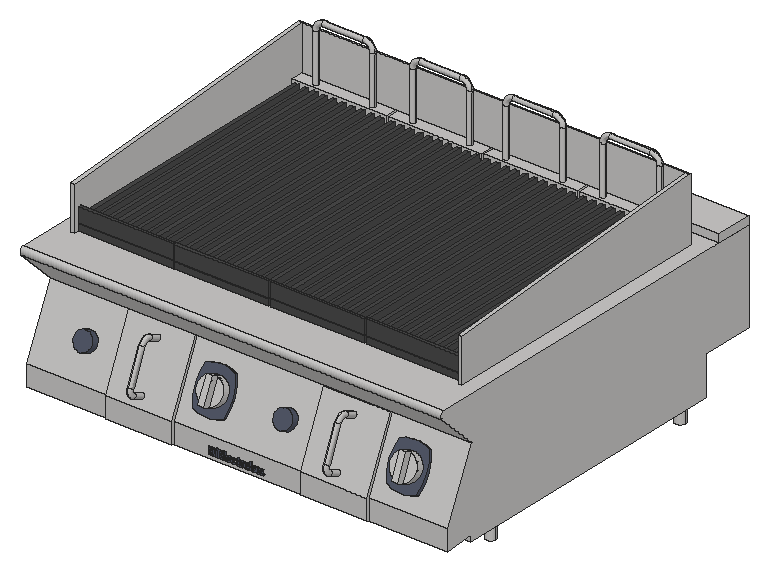
Revit family "QF_ELECTROLUXPROFESSIONAL_371043_E7GRGHGC0P", category Specialty Equipment, Revit 2018
Family settings
  Round Connector Dimension = Use Diameter
  Part Type = Normal
  Work Plane-Based = No
  Always vertical = Yes
  Cut with Voids When Loaded = No
  Shared = No
  Room Calculation Point = No
Parameters
  Width = 800.1 mm  # constant formula
  Weight in Pounds = 141  # constant formula
  Watts = 0 W
  URL Cutsheet = "www.electrolux.com/foodservice"
  URL = "www.electrolux.com/foodservice"
  Type Mark [instance] = ""
  Status [instance] = ""
  Specification by User [instance] = ""
  Specification by Manufacturer = ""
  Show Logo [instance] = yes
  Show Clearance [instance] = yes
  Serial Number = ""
  Seismic Rating = ""
  SMACNA No = ""
  Revision Code [instance] = ""
  Omniclass Number and Title = ""
  NAFEM Spec ID Number = ""
  Model = "371043"
  Mechanical Remarks = ""
  Mechanical Connection Type = ""
  Masterspec = ""
  Manufacturer = "ELECTROLUX"
  Item Number [instance] = ""
  Installed By [instance] = ""
  Identify Quantity as Lot [instance] = yes
  Height = 423.9 mm  # constant formula
  HP = "0 HP"
  Gas Size = 1/2"
  Gas RI Height [instance] = 0 mm
  Gas KW = 14  # constant formula
  Gas Input [instance] = 13987.1 VA  # 47726.0 Btu/h
  Gas Connection Height = 0 mm
  Furnished By [instance] = ""
  Foodservice Equipment Identifier [instance] = yes
  Direct Waste Size = 0"
  Description = "700XP Full Module Gas PowerGrill Top"
  Depth = 730.25 mm  # constant formula
  CSI MasterFormat = ""
  CSI Master Format = ""
  Base Height [instance] = 23.813 mm  # constant formula
  Assembly Code = ""
Reference planes
  plane 1 "BACK": y = 0
  plane 2: z = 0
  plane 3 "LEFT": x = 0
  plane 4 "RIGHT": x = 800.1
  plane 5 "FRONT": y = -730.25
  plane 6 "TOP": z = 288.925
  plane 7 "Center Y": x = 400.05
  plane 8 "Center X": y = -365.125
  plane 9 "BASE": z = 23.813
  plane 10 "TOP A": z = 274.638
  plane 11: y = -597.884
  plane 12: y = -147.637
  plane 13: z = 423.9
Forms (mm)
  Extrusion 1, solid, material "QF_Finishes_Stainless Steel"
    sketch origin (0, 0, 0) x (0, 1, 0) y (0, 0, 1)
      loop
        line (0, 274.638) -> (-722.836, 274.638)
        arc (-722.836, 274.638) -> (-729.637, 270.094) -> (-728.041, 262.072) r 7.361
        line (-728.041, 262.072) -> (-657.416, 191.447) -> (-713.772, 69.003) -> (-713.772, 30.903) -> (-660.4, 36.513) -> (-660.4, 23.812) -> (-101.6, 23.812) -> (-101.6, 98.425) -> (0, 98.425) -> (0, 274.638)
    from 0 to 800.1
  Extrusion 2, solid, material "QF_Finishes_Stainless Steel"
    sketch origin (0, 0, 0) x (1, 0, 0) y (0, 1, 0)
      loop
        circle (11.112, -147.638) r 9.525
      loop
        circle (11.112, -597.884) r 9.525
      loop
        circle (788.987, -147.638) r 9.525
      loop
        circle (788.987, -597.884) r 9.525
    from 0 to 23.813
  Extrusion 3, solid, material "QF_Finishes_Stainless Steel"
    sketch origin (0, -101.6, 101.6) x (0, 0, -1) y (-1, 0, 0)
      loop
        circle (43.882, -747.712) r 6.35
    from 0 to 3.175
  Extrusion 4, solid, material "QF_Finishes_Clearance", visible <- "Show Clearance", detail levels coarse
    sketch origin (0, 0, 0) x (1, 0, 0) y (0, 1, 0)
      loop
        line (0, -730.25) -> (0, 0) -> (800.1, 0) -> (800.1, -730.25) -> (950.119, -730.25) -> (950.119, 150.019) -> (-150.019, 150.019) -> (-150.019, -730.25) -> (0, -730.25)
    from 0 to 396
  Extrusion 5, solid, material "QF_Finishes_Black"
    sketch origin (0, 0, 274.638) x (0, -1, 0) y (1, 0, 0)
      loop
        line (636.964, 36.625) -> (636.964, 216.737) -> (130.285, 216.737) -> (130.285, 36.625) -> (636.964, 36.625)
      loop
        line (130.285, 398.45) -> (130.285, 219.937) -> (636.964, 219.937) -> (636.964, 398.45) -> (130.285, 398.45)
      loop
        line (636.964, 763.475) -> (130.285, 763.475) -> (130.285, 583.363) -> (636.964, 583.363) -> (636.964, 763.475)
      loop
        line (130.285, 401.65) -> (636.964, 401.65) -> (636.964, 580.162) -> (130.285, 580.162) -> (130.285, 401.65)
    from 0 to 12.7
  Extrusion 6, solid, material "QF_Finishes_Stainless Steel"
    sketch origin (0, 0, 274.638) x (0, -1, 0) y (1, 0, 0)
      loop
        line (130.285, 36.625) -> (130.285, 216.737) -> (107.795, 216.737) -> (107.795, 36.625) -> (130.285, 36.625)
      loop
        line (130.285, 219.938) -> (130.285, 398.45) -> (107.795, 398.45) -> (107.795, 219.938) -> (130.285, 219.938)
      loop
        line (130.285, 763.475) -> (107.795, 763.475) -> (107.795, 583.363) -> (130.285, 583.363) -> (130.285, 763.475)
      loop
        line (130.285, 580.162) -> (107.795, 580.162) -> (107.795, 401.65) -> (130.285, 401.65) -> (130.285, 580.162)
    from 0 to 37.056
  Extrusion 7, solid, material "QF_Finishes_Navy Blue"
    sketch origin (603.031, -727.475, 39.231) x (0, 0.418102, 0.9084) y (-1, 0, 0)
      loop
        circle (98.862, 129.601) r 17.8
    from 0 to 12.7
  Extrusion 8, solid, material "QF_Finishes_Black"
    sketch origin (52.271, -631.964, 287.338) x (-0.153405, 0, 0.988163) y (-0.988163, 0, -0.153405)
      loop
        line (-23.661, -162.764) -> (3.778, -167.024) -> (31.408, 10.957) -> (3.969, 15.217) -> (-23.661, -162.764)
      loop
        line (-51.537, -342.325) -> (-24.098, -346.585) -> (3.287, -170.186) -> (-24.152, -165.926) -> (-51.537, -342.325)
      loop
        line (-79.413, -521.887) -> (-51.973, -526.147) -> (-24.588, -349.747) -> (-52.028, -345.487) -> (-79.413, -521.887)
      loop
        line (-107.534, -703.03) -> (-80.094, -707.289) -> (-52.464, -529.309) -> (-79.904, -525.049) -> (-107.534, -703.03)
    from 0 to 5
  Sweep 9, solid, material "QF_Finishes_Stainless Steel"
    path origin (3.75, -118.772, 30.903) x (0, 0, 1) y (-1, 0, 0)
      loop
        line (280.79, -69.374) -> (372.677, -69.374)
        arc (372.677, -69.374) -> (383.453, -73.837) -> (387.917, -84.614) r 15.24
        line (387.917, -84.614) -> (387.917, -162.056)
        arc (387.917, -162.056) -> (383.453, -172.833) -> (372.677, -177.296) r 15.24
        line (372.677, -177.296) -> (280.79, -177.296)
    profile origin (73.124, -118.772, 357.637) x (-1, 0, 0) y (0, -1, 0)
      loop
        circle (0, 0) r 4.572
  Extrusion 10, solid, material "QF_Finishes_Stainless Steel"
    sketch origin (151.15, 0, 0) x (0, 1, 0) y (0, 0, 1)
      loop
        line (-657.416, 191.447) -> (-660.323, 192.784) -> (-716.972, 69.704) -> (-716.972, 30.903) -> (-713.772, 30.903) -> (-713.772, 69.003) -> (-657.416, 191.447)
    from 0 to 127
  Sweep 11, solid, material "QF_Finishes_Stainless Steel"
    path origin (213.65, 0, 0) x (0, 1, 0) y (0, 0, 1)
      loop
        line (-670.615, 170.424) -> (-691.243, 179.918)
        arc (-691.243, 179.918) -> (-700.956, 180.294) -> (-708.09, 173.692) r 12.7
        line (-708.09, 173.692) -> (-735.638, 113.839)
        arc (-735.638, 113.839) -> (-736.013, 104.126) -> (-729.411, 96.993) r 12.7
        line (-729.411, 96.993) -> (-708.782, 87.498)
    profile origin (213.65, -680.929, 175.171) x (0, -0.418102, -0.9084) y (1, 0, 0)
      loop
        circle (0, 0) r 4.572
  Sweep 12, solid, material "QF_Finishes_Stainless Steel"
    path origin (176.963, -118.772, 30.903) x (0, 0, 1) y (-1, 0, 0)
      loop
        line (280.79, -80.474) -> (372.677, -80.474)
        arc (372.677, -80.474) -> (383.453, -84.937) -> (387.917, -95.714) r 15.24
        line (387.917, -95.714) -> (387.917, -173.156)
        arc (387.917, -173.156) -> (383.453, -183.933) -> (372.677, -188.396) r 15.24
        line (372.677, -188.396) -> (280.79, -188.396)
    profile origin (257.436, -118.772, 357.637) x (-1, 0, 0) y (0, -1, 0)
      loop
        circle (0, 0) r 4.572
  Extrusion 13, solid, material "QF_Finishes_Navy Blue"
    sketch origin (653.031, -727.475, 39.231) x (0, 0.418102, 0.9084) y (-1, 0, 0)
      loop
        circle (98.862, 559.801) r 17.8
    from 0 to 12.7
  Extrusion 14, solid, material "QF_Finishes_Stainless Steel"
    sketch origin (648.95, 0, 0) x (0, 1, 0) y (0, 0, -1)
      loop
        line (-657.416, -191.447) -> (-713.772, -69.003) -> (-713.772, -30.903) -> (-716.972, -30.903) -> (-716.972, -69.704) -> (-660.323, -192.784) -> (-657.416, -191.447)
    from 0 to 127
  Sweep 15, solid, material "QF_Finishes_Stainless Steel"
    path origin (586.45, 0, 0) x (0, 1, 0) y (0, 0, -1)
      loop
        line (-670.615, -170.424) -> (-691.243, -179.918)
        arc (-691.243, -179.918) -> (-700.956, -180.294) -> (-708.09, -173.692) r 12.7
        line (-708.09, -173.692) -> (-735.638, -113.839)
        arc (-735.638, -113.839) -> (-736.013, -104.126) -> (-729.411, -96.993) r 12.7
        line (-729.411, -96.993) -> (-708.782, -87.498)
    profile origin (586.45, -680.929, 175.171) x (0, 0.418102, 0.9084) y (-1, 0, 0)
      loop
        circle (0, 0) r 4.572
  Extrusion 16, solid, material "QF_Finishes_Drawer Clearance", visible <- "Show Clearance", detail levels coarse
    sketch origin (151.15, 0, 0) x (0, 1, 0) y (0, 0, 1)
      loop
        line (-660.323, 192.784) -> (-1316.538, 192.784) -> (-1373.188, 69.704) -> (-1373.188, 30.903) -> (-716.972, 30.903) -> (-716.972, 69.704) -> (-660.323, 192.784)
    from 0 to 127
  Extrusion 17, solid, material "QF_Finishes_Drawer Clearance", visible <- "Show Clearance", detail levels coarse
    sketch origin (521.95, 0, 0) x (0, 1, 0) y (0, 0, 1)
      loop
        line (-660.323, 192.784) -> (-1316.538, 192.784) -> (-1373.188, 69.704) -> (-1373.188, 30.903) -> (-716.972, 30.903) -> (-716.972, 69.704) -> (-660.323, 192.784)
    from 0 to 127
  Extrusion 18, solid, material "QF_Finishes_Stainless Steel"
    sketch origin (35.025, -104.885, 396) x (0, -1, 0) y (0, 0, -1)
      loop
        line (0, 0) -> (540, 38.857) -> (540, 121.362) -> (0, 121.363) -> (0, 0)
    from 0 to -6.35
  Extrusion 19, solid, material "QF_Finishes_Stainless Steel"
    sketch origin (765.075, -104.885, 396) x (0, -1, 0) y (0, 0, 1)
      loop
        line (0, 0) -> (0, -121.363) -> (540, -121.362) -> (540, -38.857) -> (0, 0)
    from 0 to -6.35
  Extrusion 20, solid, material "QF_Finishes_Stainless Steel"
    sketch origin (35.025, -104.885, 274.638) x (0, 0, 1) y (1, 0, 0)
      loop
        line (0, -6.35) -> (121.363, -6.35) -> (121.363, 736.4) -> (0, 736.4) -> (0, -6.35)
    from 0 to 3.2
  Extrusion 21, solid, material "QF_Finishes_Navy Blue"
    sketch origin (-203.02, -713.772, 69.003) x (0, 0.418102, 0.9084) y (-1, 0, 0)
      loop
        arc (102.623, -510.47) -> (67.041, -502.846) -> (31.333, -509.853) r 90.5
        arc (31.333, -509.853) -> (24.507, -539.04) -> (31.333, -568.228) r 65.817
        arc (31.333, -568.228) -> (67.04, -575.188) -> (102.623, -567.615) r 91.066
        arc (102.623, -567.615) -> (109.179, -539.043) -> (102.623, -510.47) r 65.546
    from 0 to 3.175
  Extrusion 22, solid, material "QF_Finishes_Stainless Steel"
    sketch origin (175.73, -717.485, 68.529) x (0, 0.418102, 0.9084) y (-1, 0, 0)
      loop
        circle (68.826, -160.963) r 25.4
    from 0 to 12.7
  Extrusion 23, solid, material "QF_Finishes_Stainless Steel"
    sketch origin (175.73, -729.022, 73.839) x (0, 0.418102, 0.9084) y (-1, 0, 0)
      loop
        arc (93.558, -166.749) -> (94.226, -160.963) -> (93.558, -155.177) r 25.4
        line (93.558, -155.177) -> (44.094, -155.177)
        arc (44.094, -155.177) -> (43.426, -160.963) -> (44.094, -166.749) r 25.4
        line (44.094, -166.749) -> (93.558, -166.749)
    from 0 to 12.7
  Extrusion 24, solid, material "QF_Finishes_Stainless Steel"
    sketch origin (543.994, -717.485, 68.529) x (0, 0.418102, 0.9084) y (-1, 0, 0)
      loop
        circle (68.826, -160.963) r 25.4
    from 0 to 12.7
  Extrusion 25, solid, material "QF_Finishes_Stainless Steel"
    sketch origin (543.994, -729.022, 73.839) x (0, 0.418102, 0.9084) y (-1, 0, 0)
      loop
        arc (93.558, -166.749) -> (94.226, -160.963) -> (93.558, -155.177) r 25.4
        line (93.558, -155.177) -> (44.094, -155.177)
        arc (44.094, -155.177) -> (43.426, -160.963) -> (44.094, -166.749) r 25.4
        line (44.094, -166.749) -> (93.558, -166.749)
    from 0 to 12.7
  Extrusion 26, solid, material "QF_Finishes_Navy Blue", visible <- "Show Logo"
    sketch origin (58.349, -713.772, 30.903) x (0, 0, 1) y (-1, 0, 0)
      loop
        line (20.674, -296.698) -> (8.307, -296.698)
        arc (8.307, -296.698) -> (14.491, -301.27) -> (20.674, -296.698) r 6.467
      loop
        arc (20.674, -296.069) -> (19.505, -290.926) -> (14.849, -288.448) r 6.338
        line (14.849, -288.448) -> (14.849, -290.494)
        arc (14.849, -290.494) -> (16.333, -294.149) -> (19.778, -296.069) r 5.941
        line (19.778, -296.069) -> (20.674, -296.069)
      loop
        arc (9.203, -296.069) -> (12.648, -294.149) -> (14.132, -290.494) r 5.941
        line (14.132, -290.494) -> (14.132, -288.448)
        arc (14.132, -288.448) -> (9.438, -290.922) -> (8.148, -296.069) r 6.504
        line (8.148, -296.069) -> (9.203, -296.069)
      loop
        line (21.349, -287.979) -> (7.604, -287.979) -> (7.604, -301.742) -> (21.349, -301.742) -> (21.349, -287.979)
      loop
        arc (21.432, -304.71) -> (21.085, -304.352) -> (20.718, -304.69) r 0.358
        arc (20.718, -304.69) -> (20.404, -305.44) -> (19.687, -305.825) r 1.216
        line (19.687, -305.825) -> (9.274, -305.825)
        arc (9.274, -305.825) -> (8.614, -305.548) -> (8.218, -304.951) r 1.238
        arc (8.218, -304.951) -> (7.823, -304.7) -> (7.518, -305.054) r 0.358
        line (7.518, -305.054) -> (7.518, -314.933) -> (10.269, -314.933) -> (10.269, -314.036)
        arc (10.269, -314.036) -> (9.36, -313.456) -> (8.904, -312.479) r 1.928
        line (8.904, -312.479) -> (8.904, -309.98)
        arc (8.904, -309.98) -> (9.18, -309.251) -> (9.868, -308.887) r 1.101
        line (9.868, -308.887) -> (13.955, -308.887) -> (13.955, -312.561)
        arc (13.955, -312.561) -> (13.602, -313.058) -> (13.037, -313.286) r 1.083
        arc (13.037, -313.286) -> (12.773, -313.591) -> (13.065, -313.869) r 0.292
        line (13.065, -313.869) -> (16.028, -313.869)
        arc (16.028, -313.869) -> (16.33, -313.596) -> (16.092, -313.266) r 0.305
        arc (16.092, -313.266) -> (15.601, -313.018) -> (15.296, -312.561) r 1.083
        line (15.296, -312.561) -> (15.296, -308.887) -> (19.973, -308.887) -> (19.973, -312.635)
        arc (19.973, -312.635) -> (19.759, -313.39) -> (19.153, -313.888) r 1.314
        arc (19.153, -313.888) -> (18.934, -314.292) -> (19.288, -314.585) r 0.361
        line (19.288, -314.585) -> (21.432, -314.585) -> (21.432, -304.71)
      loop
        arc (20.715, -315.365) -> (20.335, -316.284) -> (19.416, -316.664) r 1.299
        line (19.416, -316.664) -> (9.837, -316.664)
        arc (9.837, -316.664) -> (8.999, -316.286) -> (8.728, -315.408) r 1.118
        line (8.728, -315.408) -> (7.518, -315.408) -> (7.518, -320.758) -> (8.706, -320.758)
        arc (8.706, -320.758) -> (8.978, -319.841) -> (9.848, -319.445) r 1.153
        line (9.848, -319.445) -> (21.92, -319.445) -> (20.715, -315.365)
      loop
        line (12.483, -323.394) -> (12.483, -329.842) -> (13.282, -329.842)
        arc (13.282, -329.842) -> (15.862, -328.857) -> (17.131, -326.404) r 3.874
        line (17.131, -326.404) -> (17.131, -324.643)
        arc (17.131, -324.643) -> (15.944, -321.778) -> (13.08, -320.592) r 4.051
        line (13.08, -320.592) -> (11.072, -320.592)
        arc (11.072, -320.592) -> (8.253, -322.077) -> (7.202, -325.084) r 4.352
        arc (7.202, -325.084) -> (7.566, -327.547) -> (8.943, -329.621) r 5.713
        line (8.943, -329.621) -> (9.892, -329.621)
        arc (9.892, -329.621) -> (9.16, -328.052) -> (8.943, -326.334) r 5.579
        arc (8.943, -326.334) -> (9.737, -324.371) -> (11.616, -323.394) r 3.057
        line (11.616, -323.394) -> (12.483, -323.394)
      loop
        line (13.742, -323.394) -> (13.742, -326.977)
        arc (13.742, -326.977) -> (15.199, -327.024) -> (16.082, -325.864) r 1.59
        line (16.082, -325.864) -> (16.082, -325.034)
        arc (16.082, -325.034) -> (15.217, -323.779) -> (13.742, -323.394) r 2.184
      loop
        arc (16.533, -339.259) -> (17.022, -337.585) -> (17.179, -335.848) r 9.023
        line (17.179, -335.848) -> (17.179, -334.486)
        arc (17.179, -334.486) -> (16.02, -331.686) -> (13.22, -330.527) r 3.959
        line (13.22, -330.527) -> (10.62, -330.527)
        arc (10.62, -330.527) -> (8.338, -331.819) -> (7.221, -334.192) r 4.331
        line (7.221, -334.192) -> (7.221, -336.327)
        arc (7.221, -336.327) -> (7.729, -337.877) -> (8.651, -339.223) r 5.772
        arc (8.651, -339.223) -> (9.412, -339.274) -> (9.499, -338.515) r 0.553
        arc (9.499, -338.515) -> (9.111, -337.781) -> (8.977, -336.962) r 2.573
        line (8.977, -336.962) -> (8.977, -335.447)
        arc (8.977, -335.447) -> (9.983, -333.806) -> (11.798, -333.163) r 2.884
        line (11.798, -333.163) -> (13.077, -333.163)
        arc (13.077, -333.163) -> (14.898, -333.723) -> (15.824, -335.388) r 2.554
        line (15.824, -335.388) -> (15.824, -336.441)
        arc (15.824, -336.441) -> (15.493, -337.369) -> (14.836, -338.104) r 2.564
        arc (14.836, -338.104) -> (14.614, -338.821) -> (15.223, -339.259) r 0.643
        line (15.223, -339.259) -> (16.533, -339.259)
      loop
        line (15.515, -339.53) -> (15.515, -341.031) -> (9.467, -341.031)
        arc (9.467, -341.031) -> (7.879, -341.688) -> (7.221, -343.276) r 2.246
        line (7.221, -343.276) -> (7.221, -344.86)
        arc (7.221, -344.86) -> (7.535, -345.725) -> (8.035, -346.496) r 4.06
        arc (8.035, -346.496) -> (8.768, -346.629) -> (9.019, -345.928) r 0.576
        arc (9.019, -345.928) -> (8.913, -345.403) -> (8.977, -344.87) r 1.69
        arc (8.977, -344.87) -> (9.519, -344.082) -> (10.425, -343.779) r 1.506
        line (10.425, -343.779) -> (15.563, -343.779) -> (15.563, -346.176) -> (16.119, -346.733) -> (16.941, -346.733) -> (16.941, -343.873) -> (20.172, -343.873) -> (15.515, -339.53)
      loop
        line (7.438, -347.63) -> (7.438, -353.017) -> (8.548, -353.017)
        arc (8.548, -353.017) -> (8.942, -352.066) -> (9.893, -351.672) r 1.345
        line (9.893, -351.672) -> (13.509, -351.672)
        arc (13.509, -351.672) -> (14.274, -352.264) -> (14.564, -353.186) r 1.615
        line (14.564, -353.186) -> (14.564, -354.742) -> (17.119, -355.427) -> (17.119, -354.044) -> (15.177, -351.485) -> (17.057, -351.485) -> (16.773, -348.779)
        arc (16.773, -348.779) -> (16.333, -348.249) -> (15.674, -348.45) r 0.621
        arc (15.674, -348.45) -> (15.274, -348.792) -> (14.78, -348.975) r 1.501
        line (14.78, -348.975) -> (9.893, -348.975)
        arc (9.893, -348.975) -> (8.942, -348.581) -> (8.548, -347.63) r 1.345
        line (8.548, -347.63) -> (7.438, -347.63)
      loop
        line (13.54, -354.964) -> (10.848, -354.964)
        arc (10.848, -354.964) -> (8.403, -356.272) -> (7.269, -358.803) r 4.288
        arc (7.269, -358.803) -> (7.205, -360.183) -> (7.269, -361.563) r 15.022
        arc (7.269, -361.563) -> (8.403, -364.094) -> (10.848, -365.401) r 4.288
        line (10.848, -365.401) -> (13.54, -365.401)
        arc (13.54, -365.401) -> (15.986, -364.094) -> (17.119, -361.563) r 4.288
        arc (17.119, -361.563) -> (17.183, -360.183) -> (17.119, -358.803) r 15.022
        arc (17.119, -358.803) -> (15.986, -356.272) -> (13.54, -354.964) r 4.288
      loop
        line (13.745, -358.078) -> (10.643, -358.078)
        arc (10.643, -358.078) -> (8.486, -360.235) -> (10.643, -362.392) r 2.157
        line (10.643, -362.392) -> (13.745, -362.392)
        arc (13.745, -362.392) -> (15.902, -360.235) -> (13.745, -358.078) r 2.157
      loop
        arc (20.726, -365.26) -> (20.355, -366.154) -> (19.461, -366.524) r 1.264
        line (19.461, -366.524) -> (9.597, -366.524)
        arc (9.597, -366.524) -> (8.727, -366.127) -> (8.455, -365.211) r 1.153
        line (8.455, -365.211) -> (7.518, -365.211) -> (7.518, -370.319) -> (8.446, -370.319)
        arc (8.446, -370.319) -> (8.805, -369.547) -> (9.597, -369.232) r 1.153
        line (9.597, -369.232) -> (21.92, -369.232) -> (20.726, -365.26)
      loop
        arc (15.846, -369.857) -> (15.647, -370.921) -> (14.678, -371.403) r 1.215
        line (14.678, -371.403) -> (9.658, -371.403)
        arc (9.658, -371.403) -> (8.043, -372.051) -> (7.322, -373.634) r 2.338
        line (7.322, -373.634) -> (7.322, -375.148)
        arc (7.322, -375.148) -> (7.497, -376.152) -> (7.999, -377.038) r 2.979
        line (7.999, -377.038) -> (7.518, -378.835) -> (7.518, -380.524) -> (16.943, -380.524) -> (16.649, -376.32) -> (15.863, -376.32)
        arc (15.863, -376.32) -> (15.507, -377.156) -> (14.755, -377.665) r 1.605
        line (14.755, -377.665) -> (9.652, -377.665)
        arc (9.652, -377.665) -> (9.232, -376.728) -> (9.159, -375.704) r 2.94
        arc (9.159, -375.704) -> (9.72, -374.603) -> (10.873, -374.16) r 1.724
        line (10.873, -374.16) -> (17.07, -374.16) -> (15.846, -369.857)
      loop
        line (16.874, -381.377) -> (15.202, -383.423) -> (12.028, -385.729) -> (8.572, -382.617)
        arc (8.572, -382.617) -> (8.335, -382.223) -> (8.357, -381.764) r 0.789
        line (8.357, -381.764) -> (7.518, -381.764) -> (7.518, -385.309) -> (8.344, -385.309)
        arc (8.344, -385.309) -> (8.686, -384.947) -> (9.176, -385.039) r 0.52
        line (9.176, -385.039) -> (10.976, -386.51) -> (8.858, -387.886)
        arc (8.858, -387.886) -> (8.457, -387.576) -> (8.37, -387.076) r 0.7
        line (8.37, -387.076) -> (7.518, -387.076) -> (7.518, -393.003) -> (8.405, -393.003)
        arc (8.405, -393.003) -> (8.472, -392.344) -> (8.866, -391.813) r 1.247
        line (8.866, -391.813) -> (13.066, -388.532) -> (15.513, -390.585) -> (16.874, -392.327) -> (16.874, -388.604) -> (15.389, -389.026) -> (13.868, -387.749) -> (15.568, -386.559) -> (16.874, -387.336) -> (16.874, -381.377)
    from 0 to 1.644
  Extrusion 27, solid, material "QF_Finishes_Navy Blue"
    sketch origin (165.244, -713.772, 69.003) x (0, 0.418102, 0.9084) y (-1, 0, 0)
      loop
        arc (102.623, -510.47) -> (67.041, -502.846) -> (31.333, -509.853) r 90.5
        arc (31.333, -509.853) -> (24.507, -539.04) -> (31.333, -568.228) r 65.817
        arc (31.333, -568.228) -> (67.04, -575.188) -> (102.623, -567.615) r 91.066
        arc (102.623, -567.615) -> (109.179, -539.043) -> (102.623, -510.47) r 65.546
    from 0 to 3.175
  Sweep 28, solid, material "QF_Finishes_Stainless Steel"
    path origin (796.35, -118.772, 30.903) x (0, 0, 1) y (-1, 0, 0)
      loop
        line (280.79, 69.374) -> (372.677, 69.374)
        arc (372.677, 69.374) -> (383.453, 73.837) -> (387.917, 84.614) r 15.24
        line (387.917, 84.614) -> (387.917, 162.056)
        arc (387.917, 162.056) -> (383.453, 172.833) -> (372.677, 177.296) r 15.24
        line (372.677, 177.296) -> (280.79, 177.296)
    profile origin (726.976, -118.772, 357.637) x (-1, 0, 0) y (0, -1, 0)
      loop
        circle (0, 0) r 4.572
  Sweep 29, solid, material "QF_Finishes_Stainless Steel"
    path origin (623.137, -118.772, 30.903) x (0, 0, 1) y (-1, 0, 0)
      loop
        line (280.79, 80.474) -> (372.677, 80.474)
        arc (372.677, 80.474) -> (383.453, 84.937) -> (387.917, 95.714) r 15.24
        line (387.917, 95.714) -> (387.917, 173.156)
        arc (387.917, 173.156) -> (383.453, 183.933) -> (372.677, 188.396) r 15.24
        line (372.677, 188.396) -> (280.79, 188.396)
    profile origin (542.664, -118.772, 357.637) x (-1, 0, 0) y (0, -1, 0)
      loop
        circle (0, 0) r 4.572
  Extrusion 30, solid, material "QF_Finishes_Stainless Steel"
    sketch origin (0, 0, 274.638) x (0, -1, 0) y (1, 0, 0)
      loop
        line (0, 800.1) -> (0, 0) -> (69.85, 0) -> (69.85, 800.1) -> (0, 800.1)
    from 0 to 14.3
Cuts and joins
  joined: Extrusion 18, Extrusion 19, Extrusion 20
Lines and regions (mm)
  Split face 1
    outline origin (-203.02, -716.656, 70.33) x (0, 0.418102, 0.9084) y (-1, 0, 0)
      loop
        arc (67.041, -503.158) -> (48.669, -506.69) -> (35.363, -519.842) r 32.191
        line (35.363, -519.842) -> (45.047, -525.087)
        arc (45.047, -525.087) -> (54.648, -516.737) -> (67.041, -513.859) r 26.351
        line (67.041, -513.859) -> (67.041, -503.158)
  Split face 2
    outline origin (-203.02, -716.656, 70.33) x (0, 0.418102, 0.9084) y (-1, 0, 0)
      loop
        line (44.251, -526.293) -> (34.615, -521.075)
        arc (34.615, -521.075) -> (41.047, -560.592) -> (81.049, -562.261) r 31.684
        arc (81.049, -562.261) -> (48.21, -559.05) -> (44.251, -526.293) r 26.351
  Split face 3
    outline origin (165.244, -716.656, 70.33) x (0, 0.418102, 0.9084) y (-1, 0, 0)
      loop
        arc (67.041, -503.158) -> (48.669, -506.69) -> (35.363, -519.842) r 32.191
        line (35.363, -519.842) -> (45.047, -525.087)
        arc (45.047, -525.087) -> (54.648, -516.737) -> (67.041, -513.859) r 26.351
        line (67.041, -513.859) -> (67.041, -503.158)
  Split face 4
    outline origin (165.244, -716.656, 70.33) x (0, 0.418102, 0.9084) y (-1, 0, 0)
      loop
        line (44.251, -526.293) -> (34.615, -521.075)
        arc (34.615, -521.075) -> (41.047, -560.592) -> (81.049, -562.261) r 31.684
        arc (81.049, -562.261) -> (48.21, -559.05) -> (44.251, -526.293) r 26.351
  symbolic lines, style "QF-Clearances", visible <- "Show Clearance", detail levels coarse
    curve 1: line (950.119, 150.019, 274.638) -> (-150.019, 150.019, 274.638)
    curve 2: line (950.119, -730.25, 274.638) -> (950.119, 150.019, 274.638)
    curve 3: line (-150.019, 150.019, 274.638) -> (-150.019, -730.25, 274.638)
    curve 4: line (692.244, 150.019, 274.638) -> (-150.019, 150.019, 274.638)
  symbolic lines
    curve 5: line (0, -730.25, 274.638) -> (0, 0, 274.638)
    curve 6: line (800.1, 0, 274.638) -> (800.1, -730.25, 274.638)
    curve 7: line (35.025, -104.885, 274.638) -> (35.025, -644.885, 274.638)
    curve 8: line (28.675, -644.885, 274.638) -> (35.025, -644.885, 274.638)
    curve 9: line (765.075, -644.885, 274.638) -> (765.075, -104.885, 274.638)
    curve 10: line (765.075, -104.885, 274.638) -> (35.025, -104.885, 274.638)
    curve 11: line (0, -69.85, 274.638) -> (800.1, -69.85, 274.638)
    curve 12: line (28.675, -98.535, 274.638) -> (28.675, -644.885, 274.638)
    curve 13: line (28.675, -98.535, 274.638) -> (771.425, -98.535, 274.638)
    curve 14: line (771.425, -98.535, 274.638) -> (771.425, -644.885, 274.638)
    curve 15: line (765.075, -644.885, 274.638) -> (771.425, -644.885, 274.638)
    curve 16: line (800.1, -730.25, 274.638) -> (0, -730.25, 274.638)
    curve 17: line (36.625, -107.795, 274.638) -> (216.737, -107.795, 274.638)
    curve 18: line (36.625, -636.964, 274.638) -> (36.625, -107.795, 274.638)
    curve 19: line (216.737, -130.285, 274.638) -> (36.625, -130.285, 274.638)
    curve 20: line (216.737, -107.795, 274.638) -> (216.737, -636.964, 274.638)
    curve 24: line (219.938, -107.795, 274.638) -> (398.45, -107.795, 274.638)
    curve 25: line (219.938, -636.964, 274.638) -> (219.938, -107.795, 274.638)
    curve 26: line (398.45, -130.285, 274.638) -> (219.938, -130.285, 274.638)
    curve 27: line (398.45, -107.795, 274.638) -> (398.45, -636.964, 274.638)
    curve 28: line (401.65, -107.795, 274.638) -> (580.162, -107.795, 274.638)
    curve 29: line (401.65, -636.964, 274.638) -> (401.65, -107.795, 274.638)
    curve 30: line (580.162, -130.285, 274.638) -> (401.65, -130.285, 274.638)
    curve 31: line (580.162, -107.795, 274.638) -> (580.162, -636.964, 274.638)
    curve 32: line (583.363, -107.795, 274.638) -> (763.475, -107.795, 274.638)
    curve 33: line (583.363, -636.964, 274.638) -> (583.363, -107.795, 274.638)
    curve 34: line (763.475, -130.285, 274.638) -> (583.363, -130.285, 274.638)
    curve 35: line (763.475, -107.795, 274.638) -> (763.475, -636.964, 274.638)
    curve 39: line (72.974, -114.2, 274.638) -> (180.896, -114.2, 274.638)
    curve 40: line (180.896, -123.344, 274.638) -> (72.974, -123.344, 274.638)
    curve 41: arc (72.974, -114.2, 274.638) -> (68.402, -118.772, 274.638) -> (72.974, -123.344, 274.638) r 4.572
    curve 42: arc (180.896, -114.2, 274.638) -> (185.468, -118.772, 274.638) -> (180.896, -123.344, 274.638) r 4.572
    curve 43: line (257.436, -114.2, 274.638) -> (365.359, -114.2, 274.638)
    curve 44: line (365.359, -123.344, 274.638) -> (257.436, -123.344, 274.638)
    curve 45: arc (257.436, -114.2, 274.638) -> (252.864, -118.772, 274.638) -> (257.436, -123.344, 274.638) r 4.572
    curve 46: arc (365.359, -114.2, 274.638) -> (369.931, -118.772, 274.638) -> (365.359, -123.344, 274.638) r 4.572
    curve 47: line (583.363, -636.964, 274.638) -> (763.475, -636.964, 274.638)
    curve 48: line (401.65, -636.964, 274.638) -> (580.162, -636.964, 274.638)
    curve 49: line (219.938, -636.964, 274.638) -> (398.45, -636.964, 274.638)
    curve 50: line (36.625, -636.964, 274.638) -> (216.737, -636.964, 274.638)
    curve 51: line (727.126, -114.2, 274.638) -> (619.204, -114.2, 274.638)
    curve 52: line (619.204, -123.344, 274.638) -> (727.126, -123.344, 274.638)
    curve 53: arc (727.126, -114.2, 274.638) -> (731.698, -118.772, 274.638) -> (727.126, -123.344, 274.638) r 4.572
    curve 54: arc (619.204, -114.2, 274.638) -> (614.632, -118.772, 274.638) -> (619.204, -123.344, 274.638) r 4.572
    curve 55: line (542.664, -114.2, 274.638) -> (434.741, -114.2, 274.638)
    curve 56: line (434.741, -123.344, 274.638) -> (542.664, -123.344, 274.638)
    curve 57: arc (542.664, -114.2, 274.638) -> (547.236, -118.772, 274.638) -> (542.664, -123.344, 274.638) r 4.572
    curve 58: arc (434.741, -114.2, 274.638) -> (430.169, -118.772, 274.638) -> (434.741, -123.344, 274.638) r 4.572
    curve 59: line (0, 0, 274.638) -> (800.1, 0, 274.638)
    curve 60: line (0, -69.85, 274.638) -> (800.1, -69.85, 274.638)
    curve 61: line (0, 0, 274.638) -> (800.1, 0, 274.638)
    curve 62: line (216.737, -631.964, 0) -> (36.625, -631.964, 0)
    curve 63: line (219.938, -631.964, 274.638) -> (398.45, -631.964, 274.638)
    curve 64: line (583.363, -631.964, 274.638) -> (763.475, -631.964, 274.638)
    curve 65: line (401.65, -631.964, 274.638) -> (580.162, -631.964, 274.638)
  symbolic lines, style "QF_Drawer Clearance"
    curve 21: line (151.15, -730.25, 274.638) -> (151.15, -1373.188, 274.638)
    curve 22: line (151.15, -1373.188, 274.638) -> (278.15, -1373.188, 274.638)
    curve 23: line (278.15, -1373.188, 274.638) -> (278.15, -730.25, 274.638)
    curve 36: line (521.95, -730.25, 274.638) -> (521.95, -1373.188, 274.638)
    curve 37: line (521.95, -1373.188, 274.638) -> (648.95, -1373.188, 274.638)
    curve 38: line (648.95, -1373.188, 274.638) -> (648.95, -730.25, 274.638)
Dimensions and locks
  equal spacing: plane 3 "LEFT", plane 7 "Center Y", plane 4 "RIGHT"
  "Width": plane 3 "LEFT" to plane 4 "RIGHT"
  equal spacing: plane 5 "FRONT", plane 8 "Center X", plane 1 "BACK"
  "Depth": plane 5 "FRONT" to plane 1 "BACK"
  plane 1 "BACK" to plane 5 "FRONT" = 730.25 mm
  "Base Height": plane 9 "BASE" to level
  locked: plane 10 "TOP A" to plane 9 "BASE" at 250.825
  plane 10 "TOP A" to plane 9 "BASE" = 250.825 mm
  plane 9 "BASE" to level = 23.813 mm
  plane 4 "RIGHT" to Extrusion 3 sketch curve = 52.388 mm
  equal spacing: group 1, group 3, group 4, group 5, group 6, group 7, group 8, group 9, group 10, group 2  (x3)
  "Height": plane 13 to level
  aligned and locked: level to plane 2
  aligned and locked: plane 4 "RIGHT" to Extrusion 1
Automatic sketch dimensions
  Extrusion 1 sketch curve to plane 10 "TOP A" = 0 mm
  Extrusion 1 sketch curve to plane 9 "BASE" = 0 mm
  Extrusion 1 sketch curve to plane 1 "BACK" = 0 mm
  Extrusion 1 sketch curve to plane 12 = 46.038 mm
  plane 11 to Extrusion 1 sketch curve = 59.531 mm
  plane 9 "BASE" to Extrusion 1 sketch curve = 12.7 mm
  plane 11 to Extrusion 1 sketch curve = 62.516 mm
  Extrusion 1 sketch curve to plane 5 "FRONT" = 16.478 mm
  Extrusion 1 sketch curve to plane 5 "FRONT" = 7.414 mm
  Extrusion 1 sketch curve to plane 5 "FRONT" = 2.209 mm
  plane 9 "BASE" to Extrusion 1 sketch curve = 7.09 mm
  Extrusion 1 sketch curve to Extrusion 1 sketch curve = 38.1 mm
  plane 9 "BASE" to Extrusion 1 sketch curve = 74.612 mm
  Extrusion 1 sketch curve to plane 10 "TOP A" = 83.191 mm
  Extrusion 1 sketch curve to plane 10 "TOP A" = 12.566 mm
  nested 1 to Extrusion 8 sketch curve = 703.03 mm
  Extrusion 8 sketch curve to nested 1 = 1.587 mm
  nested 1 to Extrusion 8 sketch curve = 525.049 mm
  Extrusion 8 sketch curve to Extrusion 8 sketch curve = 27.63 mm  (x2)
  nested 1 to Extrusion 8 sketch curve = 521.887 mm
  Extrusion 8 sketch curve to Extrusion 8 sketch curve = 0.491 mm  (x3)
  nested 1 to Extrusion 8 sketch curve = 707.289 mm
  nested 1 to Extrusion 8 sketch curve = 345.487 mm
  Extrusion 8 sketch curve to Extrusion 8 sketch curve = 27.385 mm  (x2)
  nested 1 to Extrusion 8 sketch curve = 342.325 mm
  nested 1 to Extrusion 8 sketch curve = 526.147 mm
  nested 1 to Extrusion 8 sketch curve = 165.926 mm
  nested 1 to Extrusion 8 sketch curve = 162.764 mm
  nested 1 to Extrusion 8 sketch curve = 346.585 mm
  Extrusion 8 sketch curve to nested 1 = 15.217 mm
  nested 1 to Extrusion 8 sketch curve = 167.024 mm
  plane 6 "TOP" to Sweep 9 sketch curve = 22.768 mm  (x2)
  plane 13 to Sweep 9 sketch curve = 20.32 mm  (x2)
  plane 13 to Sweep 9 sketch curve = 5.08 mm
  plane 3 "LEFT" to Sweep 9 sketch curve = 181.046 mm
  Sweep 9 sketch curve to Sweep 9 sketch curve = 77.443 mm
  Sweep 9 sketch curve to profile plane = 0 mm
  profile plane to Sweep 9 sketch curve = 0 mm
  Extrusion 10 sketch curve to plane 5 "FRONT" = 13.278 mm
  Extrusion 10 sketch curve to Extrusion 10 sketch curve = 3.2 mm
  plane 11 to Extrusion 10 sketch curve = 62.438 mm
  Extrusion 10 sketch curve to Extrusion 10 sketch curve = 2.907 mm
  plane 9 "BASE" to Extrusion 10 sketch curve = 7.09 mm
  Extrusion 10 sketch curve to Extrusion 10 sketch curve = 38.1 mm
  Extrusion 10 sketch curve to Extrusion 10 sketch curve = 0.701 mm
  plane 5 "FRONT" to Sweep 11 sketch curve = 5.388 mm
  Sweep 11 sketch curve to plane 5 "FRONT" = 0.839 mm
  Sweep 11 sketch curve to plane 5 "FRONT" = 6.149 mm
  Sweep 11 sketch curve to plane 5 "FRONT" = 21.468 mm
  Sweep 11 sketch curve to plane 5 "FRONT" = 22.16 mm
  Sweep 11 sketch curve to Sweep 11 sketch curve = 11.537 mm  (x2)
  Sweep 11 sketch curve to Sweep 11 sketch curve = 5.31 mm  (x2)
  Sweep 11 sketch curve to Sweep 11 sketch curve = 20.629 mm
  plane 9 "BASE" to Sweep 11 sketch curve = 63.686 mm
  Sweep 11 sketch curve to Sweep 11 sketch curve = 9.495 mm
  Sweep 11 sketch curve to Sweep 11 sketch curve = 59.852 mm
  Sweep 11 sketch curve to Sweep 11 sketch curve = 2.042 mm
  Sweep 11 sketch curve to profile plane = 0 mm  (x2)
  plane 6 "TOP" to Sweep 12 sketch curve = 22.768 mm  (x2)
  plane 13 to Sweep 12 sketch curve = 20.32 mm  (x2)
  plane 13 to Sweep 12 sketch curve = 5.08 mm
  Sweep 12 sketch curve to plane 7 "Center Y" = 34.691 mm
  Sweep 12 sketch curve to Sweep 12 sketch curve = 77.443 mm
  Sweep 12 sketch curve to profile plane = 0 mm
  profile plane to Sweep 12 sketch curve = 0 mm
  Extrusion 14 sketch curve to plane 5 "FRONT" = 13.278 mm
  Extrusion 14 sketch curve to Extrusion 14 sketch curve = 3.2 mm
  plane 11 to Extrusion 14 sketch curve = 62.438 mm
  Extrusion 14 sketch curve to Extrusion 14 sketch curve = 2.907 mm
  Extrusion 14 sketch curve to plane 10 "TOP A" = 81.853 mm
  Extrusion 14 sketch curve to Extrusion 14 sketch curve = 1.338 mm
  plane 9 "BASE" to Extrusion 14 sketch curve = 7.09 mm
  plane 5 "FRONT" to Sweep 15 sketch curve = 5.388 mm
  Sweep 15 sketch curve to plane 5 "FRONT" = 0.839 mm
  Sweep 15 sketch curve to plane 5 "FRONT" = 6.149 mm
  Sweep 15 sketch curve to plane 5 "FRONT" = 21.468 mm
  Sweep 15 sketch curve to plane 5 "FRONT" = 22.16 mm
  Sweep 15 sketch curve to Sweep 15 sketch curve = 11.537 mm
  Sweep 15 sketch curve to Sweep 15 sketch curve = 5.31 mm  (x2)
  Sweep 15 sketch curve to Sweep 15 sketch curve = 20.629 mm
  Sweep 15 sketch curve to plane 10 "TOP A" = 94.719 mm
  Sweep 15 sketch curve to Sweep 15 sketch curve = 6.227 mm
  Sweep 15 sketch curve to Sweep 15 sketch curve = 9.495 mm  (x2)
  Sweep 15 sketch curve to Sweep 15 sketch curve = 59.852 mm
  profile plane to Sweep 15 sketch curve = 0 mm
  Sweep 15 sketch curve to profile plane = 0 mm
  plane 9 "BASE" to Extrusion 16 sketch curve = 45.891 mm
  plane 5 "FRONT" to Extrusion 16 sketch curve = 642.938 mm
  Extrusion 16 sketch curve to Extrusion 16 sketch curve = 56.649 mm
  Extrusion 16 sketch curve to plane 5 "FRONT" = 13.278 mm
  plane 11 to Extrusion 16 sketch curve = 62.438 mm
  plane 9 "BASE" to Extrusion 16 sketch curve = 7.09 mm
  Extrusion 16 sketch curve to Extrusion 16 sketch curve = 38.801 mm
  Extrusion 16 sketch curve to plane 10 "TOP A" = 81.853 mm
  plane 9 "BASE" to Extrusion 17 sketch curve = 45.891 mm
  plane 5 "FRONT" to Extrusion 17 sketch curve = 642.938 mm
  Extrusion 17 sketch curve to Extrusion 17 sketch curve = 56.649 mm
  Extrusion 17 sketch curve to plane 5 "FRONT" = 13.278 mm
  plane 11 to Extrusion 17 sketch curve = 62.438 mm
  plane 9 "BASE" to Extrusion 17 sketch curve = 7.09 mm
  Extrusion 17 sketch curve to Extrusion 17 sketch curve = 38.801 mm
  Extrusion 17 sketch curve to plane 10 "TOP A" = 81.853 mm
  Extrusion 18 sketch curve to plane 10 "TOP A" = 0 mm
  Extrusion 18 sketch curve to plane 12 = 42.753 mm
  plane 11 to Extrusion 18 sketch curve = 47 mm
  plane 13 to Extrusion 18 sketch curve = 66.757 mm
  plane 13 to Extrusion 18 sketch curve = 27.9 mm
  Extrusion 19 sketch curve to plane 10 "TOP A" = 0 mm
  Extrusion 19 sketch curve to plane 12 = 42.753 mm
  plane 11 to Extrusion 19 sketch curve = 47 mm
  plane 13 to Extrusion 19 sketch curve = 66.757 mm
  plane 13 to Extrusion 19 sketch curve = 27.9 mm
  Extrusion 20 sketch curve to Extrusion 18 = 0 mm  (x3)
  Extrusion 20 sketch curve to Extrusion 18 = 736.4 mm
  Extrusion 21 sketch curve to plane 7 "Center Y" = 93.217 mm
  Extrusion 21 sketch curve to plane 7 "Center Y" = 34.842 mm
  Extrusion 21 sketch curve to Extrusion 21 sketch curve = 0 mm
  Extrusion 21 sketch curve to Extrusion 21 sketch curve = 12.3 mm  (x3)
  Extrusion 21 sketch curve to plane 7 "Center Y" = 9.728 mm
  Extrusion 21 sketch curve to Extrusion 21 sketch curve = 34.925 mm  (x2)
  Extrusion 21 sketch curve to Extrusion 21 sketch curve = 46.691 mm
  Extrusion 21 sketch curve to Extrusion 21 sketch curve = 28.575 mm
  Extrusion 23 sketch curve to Extrusion 23 sketch curve = 24.732 mm
  Extrusion 23 sketch curve to Extrusion 23 sketch curve = 0 mm
  plane 9 "BASE" to Extrusion 26 sketch curve = 9.251 mm
  plane 9 "BASE" to Extrusion 26 sketch curve = 14.292 mm
  plane 7 "Center Y" to Extrusion 26 sketch curve = 3.159 mm
  plane 9 "BASE" to Extrusion 26 sketch curve = 14.311 mm
  Extrusion 26 sketch curve to Extrusion 26 sketch curve = 0 mm  (x28)
  Extrusion 26 sketch curve to Extrusion 26 sketch curve = 5.108 mm  (x2)
  Extrusion 26 sketch curve to Extrusion 26 sketch curve = 0.054 mm
  Extrusion 26 sketch curve to Extrusion 26 sketch curve = 0.218 mm
  Extrusion 26 sketch curve to Extrusion 26 sketch curve = 0.195 mm
  Extrusion 26 sketch curve to Extrusion 26 sketch curve = 0.249 mm
  plane 9 "BASE" to Extrusion 26 sketch curve = 14.608 mm
  Extrusion 26 sketch curve to Extrusion 26 sketch curve = 0.087 mm
  Extrusion 26 sketch curve to Extrusion 26 sketch curve = 0.358 mm
  Extrusion 26 sketch curve to Extrusion 26 sketch curve = 0.481 mm
  Extrusion 26 sketch curve to Extrusion 26 sketch curve = 0.597 mm
  Extrusion 26 sketch curve to Extrusion 26 sketch curve = 0.544 mm
  Extrusion 26 sketch curve to Extrusion 26 sketch curve = 0.936 mm
  Extrusion 26 sketch curve to Extrusion 26 sketch curve = 0.594 mm
  Extrusion 26 sketch curve to Extrusion 26 sketch curve = 0.343 mm
  Extrusion 26 sketch curve to Extrusion 26 sketch curve = 0.159 mm
  Extrusion 26 sketch curve to Extrusion 26 sketch curve = 0.826 mm
  Extrusion 26 sketch curve to Extrusion 26 sketch curve = 0.839 mm
  Extrusion 26 sketch curve to Extrusion 26 sketch curve = 0.852 mm
  Extrusion 26 sketch curve to Extrusion 26 sketch curve = 0.887 mm
  Extrusion 26 sketch curve to Extrusion 26 sketch curve = 0.928 mm
  Extrusion 26 sketch curve to Extrusion 26 sketch curve = 0.938 mm
  Extrusion 26 sketch curve to Extrusion 26 sketch curve = 0.444 mm
  Extrusion 26 sketch curve to Extrusion 26 sketch curve = 1.11 mm  (x3)
  Extrusion 26 sketch curve to Extrusion 26 sketch curve = 0.215 mm
  Extrusion 26 sketch curve to Extrusion 26 sketch curve = 1.43 mm
  Extrusion 26 sketch curve to Extrusion 26 sketch curve = 1.188 mm
  Extrusion 26 sketch curve to Extrusion 26 sketch curve = 1.21 mm  (x2)
  Extrusion 26 sketch curve to Extrusion 26 sketch curve = 0.503 mm
  Extrusion 26 sketch curve to Extrusion 26 sketch curve = 0.488 mm
  Extrusion 26 sketch curve to Extrusion 26 sketch curve = 0.462 mm
  Extrusion 26 sketch curve to Extrusion 26 sketch curve = 1.386 mm
  Extrusion 26 sketch curve to Extrusion 26 sketch curve = 1.742 mm  (x2)
  Extrusion 26 sketch curve to Extrusion 26 sketch curve = 0.821 mm
  Extrusion 26 sketch curve to Extrusion 26 sketch curve = 0.497 mm
  Extrusion 26 sketch curve to Extrusion 26 sketch curve = 0.539 mm
  Extrusion 26 sketch curve to Extrusion 26 sketch curve = 0.686 mm
  Extrusion 26 sketch curve to Extrusion 26 sketch curve = 0.408 mm
  Extrusion 26 sketch curve to Extrusion 26 sketch curve = 0.743 mm
  Extrusion 26 sketch curve to Extrusion 26 sketch curve = 1.16 mm
  Extrusion 26 sketch curve to Extrusion 26 sketch curve = 0.329 mm
  Extrusion 26 sketch curve to Extrusion 26 sketch curve = 1.054 mm
  Extrusion 26 sketch curve to Extrusion 26 sketch curve = 1.056 mm
  Extrusion 26 sketch curve to Extrusion 26 sketch curve = 0.129 mm
  Extrusion 26 sketch curve to Extrusion 26 sketch curve = 0.489 mm
  Extrusion 26 sketch curve to Extrusion 26 sketch curve = 0.441 mm
  Extrusion 26 sketch curve to Extrusion 26 sketch curve = 1.151 mm
  Extrusion 26 sketch curve to Extrusion 26 sketch curve = 1.141 mm  (x2)
  Extrusion 26 sketch curve to Extrusion 26 sketch curve = 0.768 mm
  Extrusion 26 sketch curve to Extrusion 26 sketch curve = 1.653 mm
  Extrusion 26 sketch curve to Extrusion 26 sketch curve = 0.499 mm
  Extrusion 26 sketch curve to Extrusion 26 sketch curve = 0.964 mm
  Extrusion 26 sketch curve to Extrusion 26 sketch curve = 0.949 mm
  Extrusion 26 sketch curve to Extrusion 26 sketch curve = 1.345 mm  (x2)
  Extrusion 26 sketch curve to Extrusion 26 sketch curve = 1.101 mm
  Extrusion 26 sketch curve to Extrusion 26 sketch curve = 0.432 mm
  Extrusion 26 sketch curve to Extrusion 26 sketch curve = 1.142 mm
  Extrusion 26 sketch curve to Extrusion 26 sketch curve = 0.959 mm
  Extrusion 26 sketch curve to Extrusion 26 sketch curve = 0.176 mm
  Extrusion 26 sketch curve to Extrusion 26 sketch curve = 0.728 mm
  Extrusion 26 sketch curve to Extrusion 26 sketch curve = 3.375 mm  (x2)
  Extrusion 26 sketch curve to Extrusion 26 sketch curve = 0.541 mm
  Extrusion 26 sketch curve to Extrusion 26 sketch curve = 0.955 mm
  Extrusion 26 sketch curve to Extrusion 26 sketch curve = 1.251 mm
  Extrusion 26 sketch curve to Extrusion 26 sketch curve = 0.572 mm
  Extrusion 26 sketch curve to Extrusion 26 sketch curve = 1.92 mm
  Extrusion 26 sketch curve to Extrusion 26 sketch curve = 1.224 mm
  Extrusion 26 sketch curve to Extrusion 26 sketch curve = 0.745 mm
  Extrusion 26 sketch curve to Extrusion 26 sketch curve = 2.537 mm
  Extrusion 26 sketch curve to Extrusion 26 sketch curve = 0.896 mm  (x3)
  Extrusion 26 sketch curve to Extrusion 26 sketch curve = 0.036 mm
  Extrusion 26 sketch curve to Extrusion 26 sketch curve = 2.607 mm
  Extrusion 26 sketch curve to Extrusion 26 sketch curve = 0.066 mm
  Extrusion 26 sketch curve to Extrusion 26 sketch curve = 0.248 mm
  Extrusion 26 sketch curve to Extrusion 26 sketch curve = 0.449 mm
  Extrusion 26 sketch curve to Extrusion 26 sketch curve = 1.052 mm
  Extrusion 26 sketch curve to Extrusion 26 sketch curve = 1.863 mm
  Extrusion 26 sketch curve to Extrusion 26 sketch curve = 1.31 mm  (x2)
  Extrusion 26 sketch curve to Extrusion 26 sketch curve = 0.901 mm
  Extrusion 26 sketch curve to Extrusion 26 sketch curve = 1.107 mm
  Extrusion 26 sketch curve to Extrusion 26 sketch curve = 2.122 mm
  Extrusion 26 sketch curve to Extrusion 26 sketch curve = 2.101 mm
  Extrusion 26 sketch curve to Extrusion 26 sketch curve = 0.106 mm
  Extrusion 26 sketch curve to Extrusion 26 sketch curve = 0.029 mm
  Extrusion 26 sketch curve to Extrusion 26 sketch curve = 2.09 mm
  Extrusion 26 sketch curve to Extrusion 26 sketch curve = 1.279 mm
  Extrusion 26 sketch curve to Extrusion 26 sketch curve = 2.008 mm
  Extrusion 26 sketch curve to Extrusion 26 sketch curve = 0.738 mm
  Extrusion 26 sketch curve to Extrusion 26 sketch curve = 0.382 mm
  Extrusion 26 sketch curve to Extrusion 26 sketch curve = 0.384 mm
  Extrusion 26 sketch curve to Extrusion 26 sketch curve = 0.002 mm
  Extrusion 26 sketch curve to Extrusion 26 sketch curve = 0.561 mm
  Extrusion 26 sketch curve to Extrusion 26 sketch curve = 0.592 mm
  Extrusion 26 sketch curve to Extrusion 26 sketch curve = 2.692 mm
  Extrusion 26 sketch curve to Extrusion 26 sketch curve = 1.259 mm
  Extrusion 26 sketch curve to Extrusion 26 sketch curve = 0.802 mm
  Extrusion 26 sketch curve to Extrusion 26 sketch curve = 1.024 mm
  Extrusion 26 sketch curve to Extrusion 26 sketch curve = 0.682 mm
  Extrusion 26 sketch curve to Extrusion 26 sketch curve = 5.934 mm
  Extrusion 26 sketch curve to Extrusion 26 sketch curve = 2.186 mm
  Extrusion 26 sketch curve to Extrusion 26 sketch curve = 0.337 mm
  Extrusion 26 sketch curve to Extrusion 26 sketch curve = 0.021 mm
  Extrusion 26 sketch curve to Extrusion 26 sketch curve = 1.005 mm
  Extrusion 26 sketch curve to Extrusion 26 sketch curve = 0.552 mm
  Extrusion 26 sketch curve to Extrusion 26 sketch curve = 0.778 mm
  Extrusion 26 sketch curve to Extrusion 26 sketch curve = 0.063 mm
  Extrusion 26 sketch curve to Extrusion 26 sketch curve = 1.023 mm
  Extrusion 26 sketch curve to Extrusion 26 sketch curve = 3.804 mm
  Extrusion 26 sketch curve to Extrusion 26 sketch curve = 0.486 mm
  Extrusion 26 sketch curve to Extrusion 26 sketch curve = 0.266 mm  (x2)
  Extrusion 26 sketch curve to Extrusion 26 sketch curve = 1.547 mm
  Extrusion 26 sketch curve to Extrusion 26 sketch curve = 0.717 mm  (x2)
  Extrusion 26 sketch curve to Extrusion 26 sketch curve = 1.667 mm
  Extrusion 26 sketch curve to Extrusion 26 sketch curve = 3.174 mm
  Extrusion 26 sketch curve to Extrusion 26 sketch curve = 0.388 mm
  Extrusion 26 sketch curve to Extrusion 26 sketch curve = 1.342 mm
  Extrusion 26 sketch curve to Extrusion 26 sketch curve = 1.521 mm
  Extrusion 26 sketch curve to Extrusion 26 sketch curve = 0.124 mm
  Extrusion 26 sketch curve to Extrusion 26 sketch curve = 0.291 mm
  plane 7 "Center Y" to Extrusion 26 sketch curve = 4.475 mm
  Extrusion 26 sketch curve to Extrusion 26 sketch curve = 1.049 mm  (x2)
  Extrusion 26 sketch curve to Extrusion 26 sketch curve = 1.7 mm
  Extrusion 26 sketch curve to Extrusion 26 sketch curve = 0.894 mm
  Extrusion 26 sketch curve to Extrusion 26 sketch curve = 0.989 mm
  Extrusion 26 sketch curve to Extrusion 26 sketch curve = 1.168 mm
  Extrusion 26 sketch curve to Extrusion 26 sketch curve = 1.594 mm
  Extrusion 26 sketch curve to Extrusion 26 sketch curve = 0.731 mm
  Extrusion 26 sketch curve to Extrusion 26 sketch curve = 1.566 mm
  Extrusion 26 sketch curve to Extrusion 26 sketch curve = 0.064 mm
  plane 7 "Center Y" to Extrusion 26 sketch curve = 5.031 mm
  Extrusion 26 sketch curve to Extrusion 26 sketch curve = 0.556 mm  (x2)
  Extrusion 26 sketch curve to Extrusion 26 sketch curve = 0.48 mm
  Extrusion 26 sketch curve to Extrusion 26 sketch curve = 0.228 mm
  Extrusion 26 sketch curve to Extrusion 26 sketch curve = 1.018 mm
  Extrusion 26 sketch curve to Extrusion 26 sketch curve = 0.787 mm
  Extrusion 26 sketch curve to Extrusion 26 sketch curve = 0.618 mm
  Extrusion 26 sketch curve to Extrusion 26 sketch curve = 1.672 mm
  Extrusion 26 sketch curve to Extrusion 26 sketch curve = 1.361 mm
  Extrusion 26 sketch curve to Extrusion 26 sketch curve = 0.822 mm
  Extrusion 26 sketch curve to Extrusion 26 sketch curve = 0.069 mm
  Extrusion 26 sketch curve to Extrusion 26 sketch curve = 1.88 mm
  Extrusion 26 sketch curve to Extrusion 26 sketch curve = 0.42 mm
  Extrusion 26 sketch curve to Extrusion 26 sketch curve = 0.062 mm
  Extrusion 26 sketch curve to Extrusion 26 sketch curve = 1.355 mm
  Extrusion 26 sketch curve to Extrusion 26 sketch curve = 2.34 mm
  Extrusion 26 sketch curve to Extrusion 26 sketch curve = 0.493 mm
  Extrusion 26 sketch curve to Extrusion 26 sketch curve = 0.136 mm
  Extrusion 26 sketch curve to Extrusion 26 sketch curve = 0.128 mm
  Extrusion 26 sketch curve to Extrusion 26 sketch curve = 3.616 mm
  Extrusion 26 sketch curve to Extrusion 26 sketch curve = 4.207 mm
  Extrusion 26 sketch curve to Extrusion 26 sketch curve = 0.183 mm
  Extrusion 26 sketch curve to Extrusion 26 sketch curve = 0.895 mm
  Extrusion 26 sketch curve to Extrusion 26 sketch curve = 1.314 mm
  Extrusion 26 sketch curve to Extrusion 26 sketch curve = 3.231 mm
  Extrusion 26 sketch curve to Extrusion 26 sketch curve = 1.299 mm
  Extrusion 26 sketch curve to Extrusion 26 sketch curve = 1.214 mm
  Extrusion 26 sketch curve to Extrusion 26 sketch curve = 1.264 mm
  Extrusion 26 sketch curve to Extrusion 26 sketch curve = 0.109 mm
  Extrusion 26 sketch curve to Extrusion 26 sketch curve = 0.357 mm
  Extrusion 26 sketch curve to Extrusion 26 sketch curve = 0.565 mm
  Extrusion 26 sketch curve to Extrusion 26 sketch curve = 2.504 mm
  Extrusion 26 sketch curve to Extrusion 26 sketch curve = 2.459 mm
  Extrusion 26 sketch curve to Extrusion 26 sketch curve = 1.322 mm
  Extrusion 26 sketch curve to Extrusion 26 sketch curve = 2.77 mm
  Extrusion 26 sketch curve to Extrusion 26 sketch curve = 2.51 mm
  Extrusion 26 sketch curve to Extrusion 26 sketch curve = 0.187 mm
  Extrusion 26 sketch curve to Extrusion 26 sketch curve = 2.559 mm
  Extrusion 26 sketch curve to Extrusion 26 sketch curve = 1.556 mm
  Extrusion 26 sketch curve to Extrusion 26 sketch curve = 0.222 mm
  Extrusion 26 sketch curve to Extrusion 26 sketch curve = 1.383 mm
  Extrusion 26 sketch curve to Extrusion 26 sketch curve = 3.114 mm
  Extrusion 26 sketch curve to Extrusion 26 sketch curve = 3.376 mm
  Extrusion 26 sketch curve to Extrusion 26 sketch curve = 0.934 mm
  Extrusion 26 sketch curve to Extrusion 26 sketch curve = 0.191 mm
  Extrusion 26 sketch curve to Extrusion 26 sketch curve = 3.696 mm
  Extrusion 26 sketch curve to Extrusion 26 sketch curve = 2.708 mm
  Extrusion 26 sketch curve to Extrusion 26 sketch curve = 3.333 mm
  Extrusion 26 sketch curve to Extrusion 26 sketch curve = 0.332 mm
  Extrusion 26 sketch curve to Extrusion 26 sketch curve = 1.087 mm
  Extrusion 26 sketch curve to Extrusion 26 sketch curve = 2.23 mm
  Extrusion 26 sketch curve to Extrusion 26 sketch curve = 2.757 mm
  Extrusion 26 sketch curve to Extrusion 26 sketch curve = 0.987 mm
  Extrusion 26 sketch curve to Extrusion 26 sketch curve = 1.529 mm
  Extrusion 26 sketch curve to Extrusion 26 sketch curve = 1.796 mm
  Extrusion 26 sketch curve to Extrusion 26 sketch curve = 2.859 mm
  Extrusion 26 sketch curve to Extrusion 26 sketch curve = 0.853 mm
  Extrusion 26 sketch curve to Extrusion 26 sketch curve = 1.241 mm
  Extrusion 26 sketch curve to Extrusion 26 sketch curve = 2.046 mm  (x2)
  Extrusion 26 sketch curve to Extrusion 26 sketch curve = 2.422 mm
  Extrusion 26 sketch curve to Extrusion 26 sketch curve = 0.27 mm  (x2)
  Extrusion 26 sketch curve to Extrusion 26 sketch curve = 0.69 mm
  Extrusion 26 sketch curve to Extrusion 26 sketch curve = 0.781 mm  (x2)
  Extrusion 26 sketch curve to Extrusion 26 sketch curve = 3.136 mm
  Extrusion 26 sketch curve to Extrusion 26 sketch curve = 1.767 mm
  Extrusion 26 sketch curve to Extrusion 26 sketch curve = 0.138 mm
  Extrusion 26 sketch curve to Extrusion 26 sketch curve = 0.777 mm
  Extrusion 26 sketch curve to Extrusion 26 sketch curve = 1.19 mm
  Extrusion 26 sketch curve to Extrusion 26 sketch curve = 0.782 mm
  Extrusion 26 sketch curve to Extrusion 26 sketch curve = 1.268 mm
  Extrusion 26 sketch curve to Extrusion 26 sketch curve = 0.422 mm  (x2)
  Extrusion 26 sketch curve to Extrusion 26 sketch curve = 1.559 mm
  Extrusion 26 sketch curve to Extrusion 26 sketch curve = 3.927 mm
  Extrusion 26 sketch curve to Extrusion 26 sketch curve = 0.983 mm
  Extrusion 26 sketch curve to Extrusion 26 sketch curve = 1.134 mm
  Extrusion 26 sketch curve to Extrusion 26 sketch curve = 0.094 mm
  plane 7 "Center Y" to Extrusion 26 sketch curve = 1.575 mm
  Extrusion 26 sketch curve to Extrusion 26 sketch curve = 1.501 mm
  Extrusion 26 sketch curve to Extrusion 26 sketch curve = 1.808 mm
  Extrusion 26 sketch curve to Extrusion 26 sketch curve = 0.643 mm
  Extrusion 26 sketch curve to Extrusion 26 sketch curve = 0.916 mm
  Extrusion 26 sketch curve to Extrusion 26 sketch curve = 0.352 mm
  Extrusion 26 sketch curve to Extrusion 26 sketch curve = 0.458 mm
  Extrusion 26 sketch curve to Extrusion 26 sketch curve = 1.282 mm
  Extrusion 26 sketch curve to Extrusion 26 sketch curve = 1.363 mm
  Extrusion 26 sketch curve to Extrusion 26 sketch curve = 0.685 mm
  Extrusion 26 sketch curve to Extrusion 26 sketch curve = 0.905 mm
  Extrusion 26 sketch curve to Extrusion 26 sketch curve = 2.865 mm
  Extrusion 26 sketch curve to Extrusion 26 sketch curve = 0.472 mm
  Extrusion 26 sketch curve to Extrusion 26 sketch curve = 0.101 mm
  Extrusion 26 sketch curve to Extrusion 26 sketch curve = 0.54 mm
  Extrusion 26 sketch curve to Extrusion 26 sketch curve = 0.02 mm
  Extrusion 26 sketch curve to Extrusion 26 sketch curve = 0.468 mm
  Extrusion 26 sketch curve to Extrusion 26 sketch curve = 0.829 mm
  Extrusion 26 sketch curve to Extrusion 26 sketch curve = 0.582 mm
  Extrusion 26 sketch curve to Extrusion 26 sketch curve = 0.166 mm
  Extrusion 26 sketch curve to Extrusion 26 sketch curve = 0.16 mm
  Extrusion 26 sketch curve to Extrusion 26 sketch curve = 2.781 mm
  Extrusion 26 sketch curve to Extrusion 26 sketch curve = 1.118 mm
  Extrusion 26 sketch curve to Extrusion 26 sketch curve = 0.613 mm
  Extrusion 26 sketch curve to Extrusion 26 sketch curve = 0.361 mm
  Extrusion 26 sketch curve to Extrusion 26 sketch curve = 0.897 mm
  Extrusion 26 sketch curve to Extrusion 26 sketch curve = 0.167 mm
  Extrusion 26 sketch curve to Extrusion 26 sketch curve = 0.292 mm
  Extrusion 26 sketch curve to Extrusion 26 sketch curve = 0.305 mm
  Extrusion 26 sketch curve to Extrusion 26 sketch curve = 1.557 mm
  Extrusion 26 sketch curve to Extrusion 26 sketch curve = 2.499 mm
  Extrusion 26 sketch curve to Extrusion 26 sketch curve = 3.062 mm
  Extrusion 26 sketch curve to Extrusion 26 sketch curve = 2.968 mm
  Extrusion 26 sketch curve to Extrusion 26 sketch curve = 5.044 mm
  Extrusion 26 sketch curve to Extrusion 26 sketch curve = 0.629 mm  (x2)
  Extrusion 26 sketch curve to Extrusion 26 sketch curve = 1.131 mm
  Extrusion 26 sketch curve to Extrusion 26 sketch curve = 0.137 mm
  Extrusion 26 sketch curve to Extrusion 26 sketch curve = 0.027 mm
  Extrusion 26 sketch curve to Extrusion 26 sketch curve = 2.235 mm
  Split face 1 sketch curve to Split face 1 sketch curve = 9.684 mm
  Split face 1 sketch curve to Split face 1 sketch curve = 18.622 mm
  Split face 1 sketch curve to Split face 1 sketch curve = 2.959 mm
  Split face 1 sketch curve to Split face 1 sketch curve = 21.994 mm
  Split face 1 sketch curve to Split face 1 sketch curve = 5.035 mm
  Split face 1 sketch curve to Split face 1 sketch curve = 10.085 mm
  Split face 1 sketch curve to Split face 1 sketch curve = 5.244 mm
  Split face 2 sketch curve to Split face 2 sketch curve = 9.635 mm
  Split face 2 sketch curve to Split face 2 sketch curve = 17.821 mm
  Split face 2 sketch curve to Split face 2 sketch curve = 4.557 mm
  Split face 2 sketch curve to Split face 2 sketch curve = 14.42 mm
  Split face 2 sketch curve to Split face 2 sketch curve = 22.055 mm
  Split face 2 sketch curve to Split face 2 sketch curve = 3.318 mm
  Split face 3 sketch curve to Split face 3 sketch curve = 9.684 mm
  Split face 3 sketch curve to Split face 3 sketch curve = 18.622 mm
  Split face 3 sketch curve to Split face 3 sketch curve = 2.959 mm
  Split face 3 sketch curve to Split face 3 sketch curve = 21.994 mm
